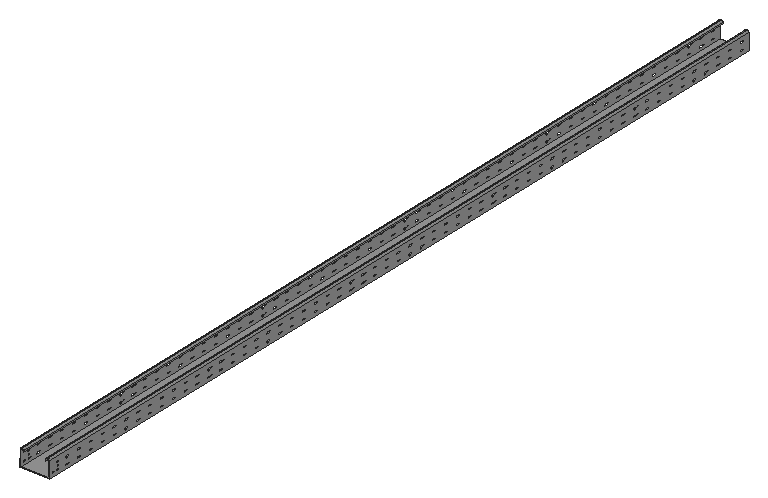
Revit family "Kabelrinne_rksm_A2_610_615_620_630_640_650_660", category Generic Models, Revit 2017 (continued)
Forms (mm)
  Extrusion 160, void
    sketch origin (-20, 863.6, 25) x (0, 1, 0) y (0, 0, 1)
      loop
        arc (82.8, 9) -> (86.3, 12.5) -> (82.8, 16) r 3.5
        line (82.8, 16) -> (69.8, 16)
    from 69 to 70
  Extrusion 161, void
    sketch origin (-20, 914.4, 0) x (0, 1, 0) y (0, 0, 1)
      loop
        arc (69.8, 16) -> (66.3, 12.5) -> (69.8, 9) r 3.5
        line (69.8, 9) -> (82.8, 9)
        arc (82.8, 9) -> (86.3, 12.5) -> (82.8, 16) r 3.5
        line (82.8, 16) -> (69.8, 16)
    from 69 to 70
  Extrusion 162, void
    sketch origin (-20, 914.4, 25) x (0, 1, 0) y (0, 0, 1)
      loop
        arc (69.8, 16) -> (66.3, 12.5) -> (69.8, 9) r 3.5
        line (69.8, 9) -> (82.8, 9)
        arc (82.8, 9) -> (86.3, 12.5) -> (82.8, 16) r 3.5
        line (82.8, 16) -> (69.8, 16)
    from 69 to 70
  Extrusion 163, void
    sketch origin (-20, 965.2, 0) x (0, 1, 0) y (0, 0, 1)
      loop
        arc (69.8, 16) -> (66.3, 12.5) -> (69.8, 9) r 3.5
        line (69.8, 9) -> (82.8, 9)
        arc (82.8, 9) -> (86.3, 12.5) -> (82.8, 16) r 3.5
        line (82.8, 16) -> (69.8, 16)
    from 69 to 70
  Extrusion 164, void
    sketch origin (-20, 965.2, 25) x (0, 1, 0) y (0, 0, 1)
      loop
        arc (69.8, 16) -> (66.3, 12.5) -> (69.8, 9) r 3.5
        line (69.8, 9) -> (82.8, 9)
        arc (82.8, 9) -> (86.3, 12.5) -> (82.8, 16) r 3.5
        line (82.8, 16) -> (69.8, 16)
    from 69 to 70
  Extrusion 165, void
    sketch origin (-20, 1016, 0) x (0, 1, 0) y (0, 0, 1)
      loop
        arc (69.8, 16) -> (66.3, 12.5) -> (69.8, 9) r 3.5
        line (69.8, 9) -> (82.8, 9)
        arc (82.8, 9) -> (86.3, 12.5) -> (82.8, 16) r 3.5
        line (82.8, 16) -> (69.8, 16)
    from 69 to 70
  Extrusion 166, void
    sketch origin (-20, 1016, 25) x (0, 1, 0) y (0, 0, 1)
      loop
        arc (69.8, 16) -> (66.3, 12.5) -> (69.8, 9) r 3.5
        line (69.8, 9) -> (82.8, 9)
        arc (82.8, 9) -> (86.3, 12.5) -> (82.8, 16) r 3.5
        line (82.8, 16) -> (69.8, 16)
    from 69 to 70
  Extrusion 167, void
    sketch origin (-20, 1066.8, 0) x (0, 1, 0) y (0, 0, 1)
      loop
        arc (69.8, 16) -> (66.3, 12.5) -> (69.8, 9) r 3.5
        line (69.8, 9) -> (82.8, 9)
        arc (82.8, 9) -> (86.3, 12.5) -> (82.8, 16) r 3.5
        line (82.8, 16) -> (69.8, 16)
    from 69 to 70
  Extrusion 168, void
    sketch origin (-20, 1066.8, 25) x (0, 1, 0) y (0, 0, 1)
      loop
        arc (69.8, 16) -> (66.3, 12.5) -> (69.8, 9) r 3.5
        line (69.8, 9) -> (82.8, 9)
        arc (82.8, 9) -> (86.3, 12.5) -> (82.8, 16) r 3.5
        line (82.8, 16) -> (69.8, 16)
    from 69 to 70
  Extrusion 169, void
    sketch origin (-20, 1117.6, 0) x (0, 1, 0) y (0, 0, 1)
      loop
        arc (69.8, 16) -> (66.3, 12.5) -> (69.8, 9) r 3.5
        line (69.8, 9) -> (82.8, 9)
        arc (82.8, 9) -> (86.3, 12.5) -> (82.8, 16) r 3.5
        line (82.8, 16) -> (69.8, 16)
    from 69 to 70
  Extrusion 170, void
    sketch origin (-20, 1117.6, 25) x (0, 1, 0) y (0, 0, 1)
      loop
        arc (69.8, 16) -> (66.3, 12.5) -> (69.8, 9) r 3.5
        line (69.8, 9) -> (82.8, 9)
        arc (82.8, 9) -> (86.3, 12.5) -> (82.8, 16) r 3.5
        line (82.8, 16) -> (69.8, 16)
    from 69 to 70
  Extrusion 171, void
    sketch origin (-20, 1168.4, 0) x (0, 1, 0) y (0, 0, 1)
      loop
        arc (69.8, 16) -> (66.3, 12.5) -> (69.8, 9) r 3.5
        line (69.8, 9) -> (82.8, 9)
        arc (82.8, 9) -> (86.3, 12.5) -> (82.8, 16) r 3.5
        line (82.8, 16) -> (69.8, 16)
    from 69 to 70
  Extrusion 172, void
    sketch origin (-20, 1168.4, 25) x (0, 1, 0) y (0, 0, 1)
      loop
        arc (69.8, 16) -> (66.3, 12.5) -> (69.8, 9) r 3.5
        line (69.8, 9) -> (82.8, 9)
        arc (82.8, 9) -> (86.3, 12.5) -> (82.8, 16) r 3.5
        line (82.8, 16) -> (69.8, 16)
    from 69 to 70
  Extrusion 173, void
    sketch origin (-20, 1219.2, 0) x (0, 1, 0) y (0, 0, 1)
      loop
        arc (69.8, 16) -> (66.3, 12.5) -> (69.8, 9) r 3.5
        line (69.8, 9) -> (82.8, 9)
        arc (82.8, 9) -> (86.3, 12.5) -> (82.8, 16) r 3.5
        line (82.8, 16) -> (69.8, 16)
    from 69 to 70
  Extrusion 174, void
    sketch origin (-20, 1219.2, 25) x (0, 1, 0) y (0, 0, 1)
      loop
        arc (69.8, 16) -> (66.3, 12.5) -> (69.8, 9) r 3.5
        line (69.8, 9) -> (82.8, 9)
        arc (82.8, 9) -> (86.3, 12.5) -> (82.8, 16) r 3.5
        line (82.8, 16) -> (69.8, 16)
    from 69 to 70
  Extrusion 175, void
    sketch origin (-20, 1270, 0) x (0, 1, 0) y (0, 0, 1)
      loop
        arc (69.8, 16) -> (66.3, 12.5) -> (69.8, 9) r 3.5
        line (69.8, 9) -> (82.8, 9)
        arc (82.8, 9) -> (86.3, 12.5) -> (82.8, 16) r 3.5
        line (82.8, 16) -> (69.8, 16)
    from 69 to 70
  Extrusion 176, void
    sketch origin (-20, 1270, 25) x (0, 1, 0) y (0, 0, 1)
      loop
        arc (69.8, 16) -> (66.3, 12.5) -> (69.8, 9) r 3.5
        line (69.8, 9) -> (82.8, 9)
        arc (82.8, 9) -> (86.3, 12.5) -> (82.8, 16) r 3.5
        line (82.8, 16) -> (69.8, 16)
    from 69 to 70
  Extrusion 177, void
    sketch origin (-20, 1320.8, 0) x (0, 1, 0) y (0, 0, 1)
      loop
        arc (69.8, 16) -> (66.3, 12.5) -> (69.8, 9) r 3.5
        line (69.8, 9) -> (82.8, 9)
        arc (82.8, 9) -> (86.3, 12.5) -> (82.8, 16) r 3.5
        line (82.8, 16) -> (69.8, 16)
    from 69 to 70
  Extrusion 178, void
    sketch origin (-20, 1320.8, 25) x (0, 1, 0) y (0, 0, 1)
      loop
        arc (69.8, 16) -> (66.3, 12.5) -> (69.8, 9) r 3.5
        line (69.8, 9) -> (82.8, 9)
        arc (82.8, 9) -> (86.3, 12.5) -> (82.8, 16) r 3.5
        line (82.8, 16) -> (69.8, 16)
    from 69 to 70
  Extrusion 179, void
    sketch origin (-20, 1371.6, 0) x (0, 1, 0) y (0, 0, 1)
      loop
        arc (69.8, 16) -> (66.3, 12.5) -> (69.8, 9) r 3.5
        line (69.8, 9) -> (82.8, 9)
        arc (82.8, 9) -> (86.3, 12.5) -> (82.8, 16) r 3.5
        line (82.8, 16) -> (69.8, 16)
    from 69 to 70
  Extrusion 180, void
    sketch origin (-20, 1371.6, 25) x (0, 1, 0) y (0, 0, 1)
      loop
        arc (69.8, 16) -> (66.3, 12.5) -> (69.8, 9) r 3.5
        line (69.8, 9) -> (82.8, 9)
        arc (82.8, 9) -> (86.3, 12.5) -> (82.8, 16) r 3.5
        line (82.8, 16) -> (69.8, 16)
    from 69 to 70
  Extrusion 181, void
    sketch origin (-20, 1422.4, 0) x (0, 1, 0) y (0, 0, 1)
      loop
        arc (69.8, 16) -> (66.3, 12.5) -> (69.8, 9) r 3.5
        line (69.8, 9) -> (82.8, 9)
        arc (82.8, 9) -> (86.3, 12.5) -> (82.8, 16) r 3.5
        line (82.8, 16) -> (69.8, 16)
    from 69 to 70
  Extrusion 182, void
    sketch origin (-20, 1422.4, 25) x (0, 1, 0) y (0, 0, 1)
      loop
        arc (69.8, 16) -> (66.3, 12.5) -> (69.8, 9) r 3.5
        line (69.8, 9) -> (82.8, 9)
        arc (82.8, 9) -> (86.3, 12.5) -> (82.8, 16) r 3.5
        line (82.8, 16) -> (69.8, 16)
    from 69 to 70
  Extrusion 183, void
    sketch origin (-20, 1473.2, 0) x (0, 1, 0) y (0, 0, 1)
      loop
        arc (69.8, 16) -> (66.3, 12.5) -> (69.8, 9) r 3.5
        line (69.8, 9) -> (82.8, 9)
        arc (82.8, 9) -> (86.3, 12.5) -> (82.8, 16) r 3.5
        line (82.8, 16) -> (69.8, 16)
    from 69 to 70
  Extrusion 184, void
    sketch origin (-20, 1473.2, 25) x (0, 1, 0) y (0, 0, 1)
      loop
        arc (69.8, 16) -> (66.3, 12.5) -> (69.8, 9) r 3.5
        line (69.8, 9) -> (82.8, 9)
        arc (82.8, 9) -> (86.3, 12.5) -> (82.8, 16) r 3.5
        line (82.8, 16) -> (69.8, 16)
    from 69 to 70
  Extrusion 185, void
    sketch origin (-20, 1524, 0) x (0, 1, 0) y (0, 0, 1)
      loop
        arc (69.8, 16) -> (66.3, 12.5) -> (69.8, 9) r 3.5
        line (69.8, 9) -> (82.8, 9)
        arc (82.8, 9) -> (86.3, 12.5) -> (82.8, 16) r 3.5
        line (82.8, 16) -> (69.8, 16)
    from 69 to 70
  Extrusion 186, void
    sketch origin (-20, 1524, 25) x (0, 1, 0) y (0, 0, 1)
      loop
        arc (69.8, 16) -> (66.3, 12.5) -> (69.8, 9) r 3.5
        line (69.8, 9) -> (82.8, 9)
        arc (82.8, 9) -> (86.3, 12.5) -> (82.8, 16) r 3.5
        line (82.8, 16) -> (69.8, 16)
    from 69 to 70
  Extrusion 187, void
    sketch origin (-20, 1574.8, 0) x (0, 1, 0) y (0, 0, 1)
      loop
        arc (69.8, 16) -> (66.3, 12.5) -> (69.8, 9) r 3.5
        line (69.8, 9) -> (82.8, 9)
        arc (82.8, 9) -> (86.3, 12.5) -> (82.8, 16) r 3.5
        line (82.8, 16) -> (69.8, 16)
    from 69 to 70
  Extrusion 188, void
    sketch origin (-20, 1574.8, 25) x (0, 1, 0) y (0, 0, 1)
      loop
        arc (69.8, 16) -> (66.3, 12.5) -> (69.8, 9) r 3.5
        line (69.8, 9) -> (82.8, 9)
        arc (82.8, 9) -> (86.3, 12.5) -> (82.8, 16) r 3.5
        line (82.8, 16) -> (69.8, 16)
    from 69 to 70
  Extrusion 189, void
    sketch origin (-20, 1625.6, 0) x (0, 1, 0) y (0, 0, 1)
      loop
        arc (69.8, 16) -> (66.3, 12.5) -> (69.8, 9) r 3.5
        line (69.8, 9) -> (82.8, 9)
        arc (82.8, 9) -> (86.3, 12.5) -> (82.8, 16) r 3.5
        line (82.8, 16) -> (69.8, 16)
    from 69 to 70
  Extrusion 190, void
    sketch origin (-20, 1625.6, 25) x (0, 1, 0) y (0, 0, 1)
      loop
        arc (69.8, 16) -> (66.3, 12.5) -> (69.8, 9) r 3.5
        line (69.8, 9) -> (82.8, 9)
        arc (82.8, 9) -> (86.3, 12.5) -> (82.8, 16) r 3.5
        line (82.8, 16) -> (69.8, 16)
    from 69 to 70
  Extrusion 191, void
    sketch origin (-20, 1676.4, 0) x (0, 1, 0) y (0, 0, 1)
      loop
        arc (69.8, 16) -> (66.3, 12.5) -> (69.8, 9) r 3.5
        line (69.8, 9) -> (82.8, 9)
        arc (82.8, 9) -> (86.3, 12.5) -> (82.8, 16) r 3.5
        line (82.8, 16) -> (69.8, 16)
    from 69 to 70
  Extrusion 192, void
    sketch origin (-20, 1676.4, 25) x (0, 1, 0) y (0, 0, 1)
      loop
        arc (69.8, 16) -> (66.3, 12.5) -> (69.8, 9) r 3.5
        line (69.8, 9) -> (82.8, 9)
        arc (82.8, 9) -> (86.3, 12.5) -> (82.8, 16) r 3.5
        line (82.8, 16) -> (69.8, 16)
    from 69 to 70
  Extrusion 193, void
    sketch origin (-20, 1727.2, 0) x (0, 1, 0) y (0, 0, 1)
      loop
        arc (69.8, 16) -> (66.3, 12.5) -> (69.8, 9) r 3.5
        line (69.8, 9) -> (82.8, 9)
        arc (82.8, 9) -> (86.3, 12.5) -> (82.8, 16) r 3.5
        line (82.8, 16) -> (69.8, 16)
    from 69 to 70
  Extrusion 194, void
    sketch origin (-20, 1727.2, 25) x (0, 1, 0) y (0, 0, 1)
      loop
        arc (69.8, 16) -> (66.3, 12.5) -> (69.8, 9) r 3.5
        line (69.8, 9) -> (82.8, 9)
        arc (82.8, 9) -> (86.3, 12.5) -> (82.8, 16) r 3.5
        line (82.8, 16) -> (69.8, 16)
    from 69 to 70
  Extrusion 195, void
    sketch origin (-20, 1778, 0) x (0, 1, 0) y (0, 0, 1)
      loop
        arc (69.8, 16) -> (66.3, 12.5) -> (69.8, 9) r 3.5
        line (69.8, 9) -> (82.8, 9)
        arc (82.8, 9) -> (86.3, 12.5) -> (82.8, 16) r 3.5
        line (82.8, 16) -> (69.8, 16)
    from 69 to 70
  Extrusion 196, void
    sketch origin (-20, 1778, 25) x (0, 1, 0) y (0, 0, 1)
      loop
        arc (69.8, 16) -> (66.3, 12.5) -> (69.8, 9) r 3.5
        line (69.8, 9) -> (82.8, 9)
        arc (82.8, 9) -> (86.3, 12.5) -> (82.8, 16) r 3.5
        line (82.8, 16) -> (69.8, 16)
    from 69 to 70
  Extrusion 197, void
    sketch origin (-20, 1828.8, 0) x (0, 1, 0) y (0, 0, 1)
      loop
        arc (69.8, 16) -> (66.3, 12.5) -> (69.8, 9) r 3.5
        line (69.8, 9) -> (82.8, 9)
        arc (82.8, 9) -> (86.3, 12.5) -> (82.8, 16) r 3.5
        line (82.8, 16) -> (69.8, 16)
    from 69 to 70
  Extrusion 198, void
    sketch origin (-20, 1828.8, 25) x (0, 1, 0) y (0, 0, 1)
      loop
        arc (69.8, 16) -> (66.3, 12.5) -> (69.8, 9) r 3.5
        line (69.8, 9) -> (82.8, 9)
        arc (82.8, 9) -> (86.3, 12.5) -> (82.8, 16) r 3.5
        line (82.8, 16) -> (69.8, 16)
    from 69 to 70
  Extrusion 199, void
    sketch origin (-20, 1879.6, 0) x (0, 1, 0) y (0, 0, 1)
      loop
        arc (69.8, 16) -> (66.3, 12.5) -> (69.8, 9) r 3.5
        line (69.8, 9) -> (82.8, 9)
        arc (82.8, 9) -> (86.3, 12.5) -> (82.8, 16) r 3.5
        line (82.8, 16) -> (69.8, 16)
    from 69 to 70
  Extrusion 200, void
    sketch origin (-20, 1879.6, 25) x (0, 1, 0) y (0, 0, 1)
      loop
        arc (69.8, 16) -> (66.3, 12.5) -> (69.8, 9) r 3.5
        line (69.8, 9) -> (82.8, 9)
        arc (82.8, 9) -> (86.3, 12.5) -> (82.8, 16) r 3.5
        line (82.8, 16) -> (69.8, 16)
    from 69 to 70
  Extrusion 201, void
    sketch origin (-20, 1930.4, 0) x (0, 1, 0) y (0, 0, 1)
      loop
        arc (69.8, 16) -> (66.3, 12.5) -> (69.8, 9) r 3.5
        line (69.8, 9) -> (82.8, 9)
        arc (82.8, 9) -> (86.3, 12.5) -> (82.8, 16) r 3.5
        line (82.8, 16) -> (69.8, 16)
    from 69 to 70
  Extrusion 202, void
    sketch origin (-20, 1930.4, 25) x (0, 1, 0) y (0, 0, 1)
      loop
        arc (69.8, 16) -> (66.3, 12.5) -> (69.8, 9) r 3.5
        line (69.8, 9) -> (82.8, 9)
        arc (82.8, 9) -> (86.3, 12.5) -> (82.8, 16) r 3.5
        line (82.8, 16) -> (69.8, 16)
    from 69 to 70
  Extrusion 203, void
    sketch origin (-20, 1981.2, 0) x (0, 1, 0) y (0, 0, 1)
      loop
        arc (69.8, 16) -> (66.3, 12.5) -> (69.8, 9) r 3.5
        line (69.8, 9) -> (82.8, 9)
        arc (82.8, 9) -> (86.3, 12.5) -> (82.8, 16) r 3.5
        line (82.8, 16) -> (69.8, 16)
    from 69 to 70
  Extrusion 204, void
    sketch origin (-20, 1981.2, 25) x (0, 1, 0) y (0, 0, 1)
      loop
        arc (69.8, 16) -> (66.3, 12.5) -> (69.8, 9) r 3.5
        line (69.8, 9) -> (82.8, 9)
        arc (82.8, 9) -> (86.3, 12.5) -> (82.8, 16) r 3.5
        line (82.8, 16) -> (69.8, 16)
    from 69 to 70
  Extrusion 205, void
    sketch origin (-20, 2032, 0) x (0, 1, 0) y (0, 0, 1)
      loop
        arc (69.8, 16) -> (66.3, 12.5) -> (69.8, 9) r 3.5
        line (69.8, 9) -> (82.8, 9)
        arc (82.8, 9) -> (86.3, 12.5) -> (82.8, 16) r 3.5
        line (82.8, 16) -> (69.8, 16)
    from 69 to 70
  Extrusion 206, void
    sketch origin (-20, 2032, 25) x (0, 1, 0) y (0, 0, 1)
      loop
        arc (69.8, 16) -> (66.3, 12.5) -> (69.8, 9) r 3.5
        line (69.8, 9) -> (82.8, 9)
        arc (82.8, 9) -> (86.3, 12.5) -> (82.8, 16) r 3.5
        line (82.8, 16) -> (69.8, 16)
    from 69 to 70
  Extrusion 207, void
    sketch origin (-20, 2082.8, 0) x (0, 1, 0) y (0, 0, 1)
      loop
        arc (69.8, 16) -> (66.3, 12.5) -> (69.8, 9) r 3.5
        line (69.8, 9) -> (82.8, 9)
        arc (82.8, 9) -> (86.3, 12.5) -> (82.8, 16) r 3.5
        line (82.8, 16) -> (69.8, 16)
    from 69 to 70
  Extrusion 208, void
    sketch origin (-20, 2082.8, 25) x (0, 1, 0) y (0, 0, 1)
      loop
        arc (69.8, 16) -> (66.3, 12.5) -> (69.8, 9) r 3.5
        line (69.8, 9) -> (82.8, 9)
        arc (82.8, 9) -> (86.3, 12.5) -> (82.8, 16) r 3.5
        line (82.8, 16) -> (69.8, 16)
    from 69 to 70
  Extrusion 209, void
    sketch origin (-20, 2133.6, 0) x (0, 1, 0) y (0, 0, 1)
      loop
        arc (69.8, 16) -> (66.3, 12.5) -> (69.8, 9) r 3.5
        line (69.8, 9) -> (82.8, 9)
        arc (82.8, 9) -> (86.3, 12.5) -> (82.8, 16) r 3.5
        line (82.8, 16) -> (69.8, 16)
    from 69 to 70
  Extrusion 210, void
    sketch origin (-20, 2133.6, 25) x (0, 1, 0) y (0, 0, 1)
      loop
        arc (69.8, 16) -> (66.3, 12.5) -> (69.8, 9) r 3.5
        line (69.8, 9) -> (82.8, 9)
        arc (82.8, 9) -> (86.3, 12.5) -> (82.8, 16) r 3.5
        line (82.8, 16) -> (69.8, 16)
    from 69 to 70
  Extrusion 211, void
    sketch origin (-20, 2184.4, 0) x (0, 1, 0) y (0, 0, 1)
      loop
        arc (69.8, 16) -> (66.3, 12.5) -> (69.8, 9) r 3.5
        line (69.8, 9) -> (82.8, 9)
        arc (82.8, 9) -> (86.3, 12.5) -> (82.8, 16) r 3.5
        line (82.8, 16) -> (69.8, 16)
    from 69 to 70
  Extrusion 212, void
    sketch origin (-20, 2184.4, 25) x (0, 1, 0) y (0, 0, 1)
      loop
        arc (69.8, 16) -> (66.3, 12.5) -> (69.8, 9) r 3.5
        line (69.8, 9) -> (82.8, 9)
        arc (82.8, 9) -> (86.3, 12.5) -> (82.8, 16) r 3.5
        line (82.8, 16) -> (69.8, 16)
    from 69 to 70
  Extrusion 213, void
    sketch origin (-20, 2235.2, 0) x (0, 1, 0) y (0, 0, 1)
      loop
        arc (69.8, 16) -> (66.3, 12.5) -> (69.8, 9) r 3.5
        line (69.8, 9) -> (82.8, 9)
        arc (82.8, 9) -> (86.3, 12.5) -> (82.8, 16) r 3.5
        line (82.8, 16) -> (69.8, 16)
    from 69 to 70
  Extrusion 214, void
    sketch origin (-20, 2235.2, 25) x (0, 1, 0) y (0, 0, 1)
      loop
        arc (69.8, 16) -> (66.3, 12.5) -> (69.8, 9) r 3.5
        line (69.8, 9) -> (82.8, 9)
        arc (82.8, 9) -> (86.3, 12.5) -> (82.8, 16) r 3.5
        line (82.8, 16) -> (69.8, 16)
    from 69 to 70
  Extrusion 215, void
    sketch origin (-20, 2286, 0) x (0, 1, 0) y (0, 0, 1)
      loop
        arc (69.8, 16) -> (66.3, 12.5) -> (69.8, 9) r 3.5
        line (69.8, 9) -> (82.8, 9)
        arc (82.8, 9) -> (86.3, 12.5) -> (82.8, 16) r 3.5
        line (82.8, 16) -> (69.8, 16)
    from 69 to 70
  Extrusion 216, void
    sketch origin (-20, 2286, 25) x (0, 1, 0) y (0, 0, 1)
      loop
        arc (69.8, 16) -> (66.3, 12.5) -> (69.8, 9) r 3.5
        line (69.8, 9) -> (82.8, 9)
        arc (82.8, 9) -> (86.3, 12.5) -> (82.8, 16) r 3.5
        line (82.8, 16) -> (69.8, 16)
    from 69 to 70
  Extrusion 217, void
    sketch origin (-20, 2336.8, 0) x (0, 1, 0) y (0, 0, 1)
      loop
        arc (69.8, 16) -> (66.3, 12.5) -> (69.8, 9) r 3.5
        line (69.8, 9) -> (82.8, 9)
        arc (82.8, 9) -> (86.3, 12.5) -> (82.8, 16) r 3.5
        line (82.8, 16) -> (69.8, 16)
    from 69 to 70
  Extrusion 218, void
    sketch origin (-20, 2336.8, 25) x (0, 1, 0) y (0, 0, 1)
      loop
        arc (69.8, 16) -> (66.3, 12.5) -> (69.8, 9) r 3.5
        line (69.8, 9) -> (82.8, 9)
        arc (82.8, 9) -> (86.3, 12.5) -> (82.8, 16) r 3.5
        line (82.8, 16) -> (69.8, 16)
    from 69 to 70
  Extrusion 219, void
    sketch origin (-20, 2387.6, 0) x (0, 1, 0) y (0, 0, 1)
      loop
        arc (69.8, 16) -> (66.3, 12.5) -> (69.8, 9) r 3.5
        line (69.8, 9) -> (82.8, 9)
        arc (82.8, 9) -> (86.3, 12.5) -> (82.8, 16) r 3.5
        line (82.8, 16) -> (69.8, 16)
    from 69 to 70
  Extrusion 220, void
    sketch origin (-20, 2387.6, 25) x (0, 1, 0) y (0, 0, 1)
      loop
        arc (69.8, 16) -> (66.3, 12.5) -> (69.8, 9) r 3.5
        line (69.8, 9) -> (82.8, 9)
        arc (82.8, 9) -> (86.3, 12.5) -> (82.8, 16) r 3.5
        line (82.8, 16) -> (69.8, 16)
    from 69 to 70
  Extrusion 221, void
    sketch origin (-20, 2438.4, 0) x (0, 1, 0) y (0, 0, 1)
      loop
        arc (69.8, 16) -> (66.3, 12.5) -> (69.8, 9) r 3.5
        line (69.8, 9) -> (82.8, 9)
        arc (82.8, 9) -> (86.3, 12.5) -> (82.8, 16) r 3.5
        line (82.8, 16) -> (69.8, 16)
    from 69 to 70
  Extrusion 222, void
    sketch origin (-20, 2438.4, 25) x (0, 1, 0) y (0, 0, 1)
      loop
        arc (69.8, 16) -> (66.3, 12.5) -> (69.8, 9) r 3.5
        line (69.8, 9) -> (82.8, 9)
        arc (82.8, 9) -> (86.3, 12.5) -> (82.8, 16) r 3.5
        line (82.8, 16) -> (69.8, 16)
    from 69 to 70
  Extrusion 223, void
    sketch origin (-20, 2489.2, 0) x (0, 1, 0) y (0, 0, 1)
      loop
        arc (69.8, 16) -> (66.3, 12.5) -> (69.8, 9) r 3.5
        line (69.8, 9) -> (82.8, 9)
        arc (82.8, 9) -> (86.3, 12.5) -> (82.8, 16) r 3.5
        line (82.8, 16) -> (69.8, 16)
    from 69 to 70
  Extrusion 224, void
    sketch origin (-20, 2489.2, 25) x (0, 1, 0) y (0, 0, 1)
      loop
        arc (69.8, 16) -> (66.3, 12.5) -> (69.8, 9) r 3.5
        line (69.8, 9) -> (82.8, 9)
        arc (82.8, 9) -> (86.3, 12.5) -> (82.8, 16) r 3.5
        line (82.8, 16) -> (69.8, 16)
    from 69 to 70
  Extrusion 225, void
    sketch origin (-20, 2540, 0) x (0, 1, 0) y (0, 0, 1)
      loop
        arc (69.8, 16) -> (66.3, 12.5) -> (69.8, 9) r 3.5
        line (69.8, 9) -> (82.8, 9)
        arc (82.8, 9) -> (86.3, 12.5) -> (82.8, 16) r 3.5
        line (82.8, 16) -> (69.8, 16)
    from 69 to 70
  Extrusion 226, void
    sketch origin (-20, 2540, 25) x (0, 1, 0) y (0, 0, 1)
      loop
        arc (69.8, 16) -> (66.3, 12.5) -> (69.8, 9) r 3.5
        line (69.8, 9) -> (82.8, 9)
        arc (82.8, 9) -> (86.3, 12.5) -> (82.8, 16) r 3.5
        line (82.8, 16) -> (69.8, 16)
    from 69 to 70
  Extrusion 227, void
    sketch origin (-20, 2590.8, 0) x (0, 1, 0) y (0, 0, 1)
      loop
        arc (69.8, 16) -> (66.3, 12.5) -> (69.8, 9) r 3.5
        line (69.8, 9) -> (82.8, 9)
        arc (82.8, 9) -> (86.3, 12.5) -> (82.8, 16) r 3.5
        line (82.8, 16) -> (69.8, 16)
    from 69 to 70
  Extrusion 228, void
    sketch origin (-20, 2590.8, 25) x (0, 1, 0) y (0, 0, 1)
      loop
        arc (69.8, 16) -> (66.3, 12.5) -> (69.8, 9) r 3.5
        line (69.8, 9) -> (82.8, 9)
        arc (82.8, 9) -> (86.3, 12.5) -> (82.8, 16) r 3.5
        line (82.8, 16) -> (69.8, 16)
    from 69 to 70
  Extrusion 229, void
    sketch origin (-20, 2641.6, 0) x (0, 1, 0) y (0, 0, 1)
      loop
        arc (69.8, 16) -> (66.3, 12.5) -> (69.8, 9) r 3.5
        line (69.8, 9) -> (82.8, 9)
        arc (82.8, 9) -> (86.3, 12.5) -> (82.8, 16) r 3.5
        line (82.8, 16) -> (69.8, 16)
    from 69 to 70
  Extrusion 230, void
    sketch origin (-20, 2641.6, 25) x (0, 1, 0) y (0, 0, 1)
      loop
        arc (69.8, 16) -> (66.3, 12.5) -> (69.8, 9) r 3.5
        line (69.8, 9) -> (82.8, 9)
        arc (82.8, 9) -> (86.3, 12.5) -> (82.8, 16) r 3.5
        line (82.8, 16) -> (69.8, 16)
    from 69 to 70
  Extrusion 231, void
    sketch origin (-20, 2692.4, 0) x (0, 1, 0) y (0, 0, 1)
      loop
        arc (69.8, 16) -> (66.3, 12.5) -> (69.8, 9) r 3.5
        line (69.8, 9) -> (82.8, 9)
        arc (82.8, 9) -> (86.3, 12.5) -> (82.8, 16) r 3.5
        line (82.8, 16) -> (69.8, 16)
    from 69 to 70
  Extrusion 232, void
    sketch origin (-20, 2692.4, 25) x (0, 1, 0) y (0, 0, 1)
      loop
        arc (69.8, 16) -> (66.3, 12.5) -> (69.8, 9) r 3.5
        line (69.8, 9) -> (82.8, 9)
        arc (82.8, 9) -> (86.3, 12.5) -> (82.8, 16) r 3.5
        line (82.8, 16) -> (69.8, 16)
    from 69 to 70
  Extrusion 233, void
    sketch origin (-20, 2743.2, 0) x (0, 1, 0) y (0, 0, 1)
      loop
        arc (69.8, 16) -> (66.3, 12.5) -> (69.8, 9) r 3.5
        line (69.8, 9) -> (82.8, 9)
        arc (82.8, 9) -> (86.3, 12.5) -> (82.8, 16) r 3.5
        line (82.8, 16) -> (69.8, 16)
    from 69 to 70
  Extrusion 234, void
    sketch origin (-20, 2743.2, 25) x (0, 1, 0) y (0, 0, 1)
      loop
        arc (69.8, 16) -> (66.3, 12.5) -> (69.8, 9) r 3.5
        line (69.8, 9) -> (82.8, 9)
        arc (82.8, 9) -> (86.3, 12.5) -> (82.8, 16) r 3.5
        line (82.8, 16) -> (69.8, 16)
    from 69 to 70
  Extrusion 235, void
    sketch origin (-20, 2794, 0) x (0, 1, 0) y (0, 0, 1)
      loop
        arc (69.8, 16) -> (66.3, 12.5) -> (69.8, 9) r 3.5
        line (69.8, 9) -> (82.8, 9)
        arc (82.8, 9) -> (86.3, 12.5) -> (82.8, 16) r 3.5
        line (82.8, 16) -> (69.8, 16)
    from 69 to 70
  Extrusion 236, void
    sketch origin (-20, 2794, 25) x (0, 1, 0) y (0, 0, 1)
      loop
        arc (69.8, 16) -> (66.3, 12.5) -> (69.8, 9) r 3.5
        line (69.8, 9) -> (82.8, 9)
        arc (82.8, 9) -> (86.3, 12.5) -> (82.8, 16) r 3.5
        line (82.8, 16) -> (69.8, 16)
    from 69 to 70
  Extrusion 237, void
    sketch origin (-20, 2844.8, 0) x (0, 1, 0) y (0, 0, 1)
      loop
        arc (69.8, 16) -> (66.3, 12.5) -> (69.8, 9) r 3.5
        line (69.8, 9) -> (82.8, 9)
        arc (82.8, 9) -> (86.3, 12.5) -> (82.8, 16) r 3.5
        line (82.8, 16) -> (69.8, 16)
    from 69 to 70
  Extrusion 238, void
    sketch origin (-20, 2844.8, 25) x (0, 1, 0) y (0, 0, 1)
      loop
        arc (69.8, 16) -> (66.3, 12.5) -> (69.8, 9) r 3.5
        line (69.8, 9) -> (82.8, 9)
        arc (82.8, 9) -> (86.3, 12.5) -> (82.8, 16) r 3.5
        line (82.8, 16) -> (69.8, 16)
    from 69 to 70
  Extrusion 239, void
    sketch origin (-20, 2895.6, 0) x (0, 1, 0) y (0, 0, 1)
      loop
        arc (69.8, 16) -> (66.3, 12.5) -> (69.8, 9) r 3.5
        line (69.8, 9) -> (82.8, 9)
        arc (82.8, 9) -> (86.3, 12.5) -> (82.8, 16) r 3.5
        line (82.8, 16) -> (69.8, 16)
    from 69 to 70
  Extrusion 240, void
    sketch origin (-20, 2895.6, 25) x (0, 1, 0) y (0, 0, 1)
      loop
        arc (69.8, 16) -> (66.3, 12.5) -> (69.8, 9) r 3.5
        line (69.8, 9) -> (82.8, 9)
        arc (82.8, 9) -> (86.3, 12.5) -> (82.8, 16) r 3.5
        line (82.8, 16) -> (69.8, 16)
    from 69 to 70
  Extrusion 241, void
    sketch origin (0, 0, 0) x (1, 0, 0) y (0, 1, 0)
      loop
        circle (0, 101.68) r 5.5
    from 0 to 1
  Extrusion 242, void
    sketch origin (0, 100, 0) x (1, 0, 0) y (0, 1, 0)
      loop
        circle (0, 101.68) r 5.5
    from 0 to 1
  Extrusion 243, void
    sketch origin (0, 200, 0) x (1, 0, 0) y (0, 1, 0)
      loop
        circle (0, 101.68) r 5.5
    from 0 to 1
  Extrusion 244, void
    sketch origin (0, 300, 0) x (1, 0, 0) y (0, 1, 0)
      loop
        circle (0, 101.68) r 5.5
    from 0 to 1
  Extrusion 245, void
    sketch origin (0, 400, 0) x (1, 0, 0) y (0, 1, 0)
      loop
        circle (0, 101.68) r 5.5
    from 0 to 1
  Extrusion 246, void
    sketch origin (0, 500, 0) x (1, 0, 0) y (0, 1, 0)
      loop
        circle (0, 101.68) r 5.5
    from 0 to 1
  Extrusion 247, void
    sketch origin (0, 600, 0) x (1, 0, 0) y (0, 1, 0)
      loop
        circle (0, 101.68) r 5.5
    from 0 to 1
  Extrusion 248, void
    sketch origin (0, 700, 0) x (1, 0, 0) y (0, 1, 0)
      loop
        circle (0, 101.68) r 5.5
    from 0 to 1
  Extrusion 249, void
    sketch origin (0, 800, 0) x (1, 0, 0) y (0, 1, 0)
      loop
        circle (0, 101.68) r 5.5
    from 0 to 1
  Extrusion 250, void
    sketch origin (0, 900, 0) x (1, 0, 0) y (0, 1, 0)
      loop
        circle (0, 101.68) r 5.5
    from 0 to 1
  Extrusion 251, void
    sketch origin (0, 1000, 0) x (1, 0, 0) y (0, 1, 0)
      loop
        circle (0, 101.68) r 5.5
    from 0 to 1
  Extrusion 252, void
    sketch origin (0, 1100, 0) x (1, 0, 0) y (0, 1, 0)
      loop
        circle (0, 101.68) r 5.5
    from 0 to 1
  Extrusion 253, void
    sketch origin (0, 1200, 0) x (1, 0, 0) y (0, 1, 0)
      loop
        circle (0, 101.68) r 5.5
    from 0 to 1
  Extrusion 254, void
    sketch origin (0, 1300, 0) x (1, 0, 0) y (0, 1, 0)
      loop
        circle (0, 101.68) r 5.5
    from 0 to 1
  Extrusion 255, void
    sketch origin (0, 1400, 0) x (1, 0, 0) y (0, 1, 0)
      loop
        circle (0, 101.68) r 5.5
    from 0 to 1
  Extrusion 256, void
    sketch origin (0, 1500, 0) x (1, 0, 0) y (0, 1, 0)
      loop
        circle (0, 101.68) r 5.5
    from 0 to 1
  Extrusion 257, void
    sketch origin (0, 1600, 0) x (1, 0, 0) y (0, 1, 0)
      loop
        circle (0, 101.68) r 5.5
    from 0 to 1
  Extrusion 258, void
    sketch origin (0, 1700, 0) x (1, 0, 0) y (0, 1, 0)
      loop
        circle (0, 101.68) r 5.5
    from 0 to 1
  Extrusion 259, void
    sketch origin (0, 1800, 0) x (1, 0, 0) y (0, 1, 0)
      loop
        circle (0, 101.68) r 5.5
    from 0 to 1
  Extrusion 260, void
    sketch origin (0, 1900, 0) x (1, 0, 0) y (0, 1, 0)
      loop
        circle (0, 101.68) r 5.5
    from 0 to 1
  Extrusion 261, void
    sketch origin (0, 2000, 0) x (1, 0, 0) y (0, 1, 0)
      loop
        circle (0, 101.68) r 5.5
    from 0 to 1
  Extrusion 262, void
    sketch origin (0, 2100, 0) x (1, 0, 0) y (0, 1, 0)
      loop
        circle (0, 101.68) r 5.5
    from 0 to 1
  Extrusion 263, void
    sketch origin (0, 2200, 0) x (1, 0, 0) y (0, 1, 0)
      loop
        circle (0, 101.68) r 5.5
    from 0 to 1
  Extrusion 264, void
    sketch origin (0, 2300, 0) x (1, 0, 0) y (0, 1, 0)
      loop
        circle (0, 101.68) r 5.5
    from 0 to 1
  Extrusion 265, void
    sketch origin (0, 2400, 0) x (1, 0, 0) y (0, 1, 0)
      loop
        circle (0, 101.68) r 5.5
    from 0 to 1
  Extrusion 266, void
    sketch origin (0, 2500, 0) x (1, 0, 0) y (0, 1, 0)
      loop
        circle (0, 101.68) r 5.5
    from 0 to 1
  Extrusion 267, void
    sketch origin (0, 2600, 0) x (1, 0, 0) y (0, 1, 0)
      loop
        circle (0, 101.68) r 5.5
    from 0 to 1
  Extrusion 268, void
    sketch origin (0, 2700, 0) x (1, 0, 0) y (0, 1, 0)
      loop
        circle (0, 101.68) r 5.5
    from 0 to 1
  Extrusion 269, void
    sketch origin (0, 2800, 0) x (1, 0, 0) y (0, 1, 0)
      loop
        circle (0, 101.68) r 5.5
    from 0 to 1
  Extrusion 270, void
    sketch origin (0, 0, 0) x (0, 1, 0) y (0, 0, 1)
      loop
        arc (11.5, 16) -> (8, 12.5) -> (11.5, 9) r 3.5
        line (11.5, 9) -> (19.5, 9)
        arc (19.5, 9) -> (23, 12.5) -> (19.5, 16) r 3.5
        line (19.5, 16) -> (11.5, 16)
    from 49 to 50
  Extrusion 271, void
    sketch origin (0, 0, 0) x (0, 1, 0) y (0, 0, 1)
      loop
        arc (31.5, 16) -> (28, 12.5) -> (31.5, 9) r 3.5
        line (31.5, 9) -> (39.5, 9)
        arc (39.5, 9) -> (43, 12.5) -> (39.5, 16) r 3.5
        line (39.5, 16) -> (31.5, 16)
    from 49 to 50
  Extrusion 272, void
    sketch origin (0, 0, 0) x (0, 1, 0) y (0, 0, 1)
      loop
        arc (31.5, 41) -> (28, 37.5) -> (31.5, 34) r 3.5
        line (31.5, 34) -> (39.5, 34)
        arc (39.5, 34) -> (43, 37.5) -> (39.5, 41) r 3.5
        line (39.5, 41) -> (31.5, 41)
    from 49 to 50
  Extrusion 273, void
    sketch origin (0, 0, 0) x (0, 1, 0) y (0, 0, 1)
      loop
        line (19.5, 16) -> (11.5, 16)
        arc (11.5, 16) -> (8, 12.5) -> (11.5, 9) r 3.5
        line (11.5, 9) -> (19.5, 9)
        arc (19.5, 9) -> (23, 12.5) -> (19.5, 16) r 3.5
    from -49 to -50
  Extrusion 274, void
    sketch origin (0, 0, 0) x (0, 1, 0) y (0, 0, 1)
      loop
        line (39.5, 16) -> (31.5, 16)
        arc (31.5, 16) -> (28, 12.5) -> (31.5, 9) r 3.5
        line (31.5, 9) -> (39.5, 9)
        arc (39.5, 9) -> (43, 12.5) -> (39.5, 16) r 3.5
    from -50 to -49
  Extrusion 275, void
    sketch origin (0, 0, 0) x (0, 1, 0) y (0, 0, 1)
      loop
        line (39.5, 41) -> (31.5, 41)
        arc (31.5, 41) -> (28, 37.5) -> (31.5, 34) r 3.5
        line (31.5, 34) -> (39.5, 34)
        arc (39.5, 34) -> (43, 37.5) -> (39.5, 41) r 3.5
    from -50 to -49
  Extrusion 276, void
    sketch origin (0, 0, 0) x (0, 1, 0) y (0, 0, 1)
      loop
        line (31.512, 29) -> (31.512, 21) -> (39.512, 21) -> (39.512, 29) -> (31.512, 29)
    from 49 to 50
  Extrusion 277, void
    sketch origin (0, 0, 0) x (0, 1, 0) y (0, 0, 1)
      loop
        line (39.5, 29) -> (31.5, 29) -> (31.5, 21) -> (39.5, 21) -> (39.5, 29)
    from -50 to -49
Cuts and joins
  Extrusion 5, Extrusion 8, Extrusion 10, Extrusion 11, Extrusion 13, Extrusion 14, Extrusion 15, Extrusion 16, Extrusion 17, Extrusion 18, Extrusion 19, Extrusion 20, Extrusion 21, Extrusion 22, Extrusion 23, Extrusion 24, Extrusion 25, Extrusion 26, Extrusion 27, Extrusion 28, Extrusion 29, Extrusion 30, Extrusion 31, Extrusion 32, Extrusion 33, Extrusion 34, Extrusion 35, Extrusion 36, Extrusion 37, Extrusion 38, Extrusion 39, Extrusion 40, Extrusion 41, Extrusion 42, Extrusion 43, Extrusion 44, Extrusion 45, Extrusion 46, Extrusion 47, Extrusion 48, Extrusion 49, Extrusion 50, Extrusion 51, Extrusion 52, Extrusion 53, Extrusion 54, Extrusion 55, Extrusion 56, Extrusion 57, Extrusion 58, Extrusion 59, Extrusion 60, Extrusion 61, Extrusion 62, Extrusion 63, Extrusion 64, Extrusion 65, Extrusion 66, Extrusion 67, Extrusion 68, Extrusion 69, Extrusion 70, Extrusion 71, Extrusion 72, Extrusion 73, Extrusion 74, Extrusion 75, Extrusion 76, Extrusion 77, Extrusion 78, Extrusion 79, Extrusion 80, Extrusion 81, Extrusion 82, Extrusion 83, Extrusion 84, Extrusion 85, Extrusion 86, Extrusion 87, Extrusion 88, Extrusion 89, Extrusion 90, Extrusion 91, Extrusion 92, Extrusion 93, Extrusion 94, Extrusion 95, Extrusion 96, Extrusion 97, Extrusion 98, Extrusion 99, Extrusion 100, Extrusion 101, Extrusion 102, Extrusion 103, Extrusion 104, Extrusion 105, Extrusion 106, Extrusion 107, Extrusion 108, Extrusion 109, Extrusion 110, Extrusion 111, Extrusion 112, Extrusion 113, Extrusion 114, Extrusion 115, Extrusion 116, Extrusion 117, Extrusion 118, Extrusion 119, Extrusion 120, Extrusion 121, Extrusion 122, Extrusion 123, Extrusion 124, Extrusion 125, Extrusion 126, Extrusion 127, Extrusion 128, Extrusion 129, Extrusion 130, Extrusion 131, Extrusion 132, Extrusion 133, Extrusion 134, Extrusion 135, Extrusion 136, Extrusion 137, Extrusion 138, Extrusion 139, Extrusion 140, Extrusion 141, Extrusion 142, Extrusion 143, Extrusion 144, Extrusion 145, Extrusion 146, Extrusion 147, Extrusion 148, Extrusion 149, Extrusion 150, Extrusion 151, Extrusion 152, Extrusion 153, Extrusion 154, Extrusion 155, Extrusion 156, Extrusion 157, Extrusion 158, Extrusion 159, Extrusion 160, Extrusion 161, Extrusion 162, Extrusion 163, Extrusion 164, Extrusion 165, Extrusion 166, Extrusion 167, Extrusion 168, Extrusion 169, Extrusion 170, Extrusion 171, Extrusion 172, Extrusion 173, Extrusion 174, Extrusion 175, Extrusion 176, Extrusion 177, Extrusion 178, Extrusion 179, Extrusion 180, Extrusion 181, Extrusion 182, Extrusion 183, Extrusion 184, Extrusion 185, Extrusion 186, Extrusion 187, Extrusion 188, Extrusion 189, Extrusion 190, Extrusion 191, Extrusion 192, Extrusion 193, Extrusion 194, Extrusion 195, Extrusion 196, Extrusion 197, Extrusion 198, Extrusion 199, Extrusion 200, Extrusion 201, Extrusion 202, Extrusion 203, Extrusion 204, Extrusion 205, Extrusion 206, Extrusion 207, Extrusion 208, Extrusion 209, Extrusion 210, Extrusion 211, Extrusion 212, Extrusion 213, Extrusion 214, Extrusion 215, Extrusion 216, Extrusion 217, Extrusion 218, Extrusion 219, Extrusion 220, Extrusion 221, Extrusion 222, Extrusion 223, Extrusion 224, Extrusion 225, Extrusion 226, Extrusion 227, Extrusion 228, Extrusion 229, Extrusion 230, Extrusion 231, Extrusion 232, Extrusion 233, Extrusion 234, Extrusion 235, Extrusion 236, Extrusion 237, Extrusion 238, Extrusion 239, Extrusion 240, Extrusion 241, Extrusion 242, Extrusion 243, Extrusion 244, Extrusion 245, Extrusion 246, Extrusion 247, Extrusion 248, Extrusion 249, Extrusion 250, Extrusion 251, Extrusion 252, Extrusion 253, Extrusion 254, Extrusion 255, Extrusion 256, Extrusion 257, Extrusion 258, Extrusion 259, Extrusion 260, Extrusion 261, Extrusion 262, Extrusion 263, Extrusion 264, Extrusion 265, Extrusion 266, Extrusion 267, Extrusion 268, Extrusion 269, Extrusion 270, Extrusion 271, Extrusion 272, Extrusion 273, Extrusion 274, Extrusion 275, Extrusion 276, Extrusion 277 cuts Extrusion 1
Dimensions and locks
  "Width": Extrusion 1 sketch curve to Extrusion 1 sketch curve
  "Width 1": Extrusion 1 sketch curve to plane 3 "Center (Left/Right)"
  "Width 1": plane 3 "Center (Left/Right)" to Extrusion 1 sketch curve
  locked: plane 4 to level at 60
  locked: plane 4 to plane 5 at 9
  locked: Extrusion 1 sketch curve to Extrusion 1 sketch curve at 12  (x2)
  locked: Extrusion 1 sketch curve to Extrusion 1 sketch curve at 1  (x5)
  locked: Extrusion 2 sketch curve to plane 6 at 9.045
  locked: plane 6 to Extrusion 2 sketch curve at 9.045
  locked: Extrusion 3 sketch curve to plane 7 at 3.5
  locked: plane 7 to Extrusion 3 sketch curve at 3.5
  locked: level to plane 8 at 2.65
  locked: plane 8 to plane 9 at 1
  locked: Extrusion 4 sketch curve to Extrusion 4 sketch curve at 7
  "Length": plane 1 "Center (Front/Back)" to plane 10
  locked: Extrusion 5 sketch curve to Extrusion 5 sketch curve at 7
  locked: Extrusion 6 sketch curve to Extrusion 6 sketch curve at 7
  locked: Extrusion 7 sketch curve to Extrusion 7 sketch curve at 7
  locked: cut or joined group 1 (Extrusion 1, Extrusion 5, Extrusion 8, Extrusion 10, Extrusion 11, Extrusion 13, Extrusion 14, Extrusion 15, Extrusion 16, Extrusion 17, Extrusion 18, Extrusion 19, Extrusion 20, Extrusion 21, Extrusion 22, Extrusion 23, Extrusion 24, Extrusion 25, Extrusion 26, Extrusion 27, Extrusion 28, Extrusion 29, Extrusion 30, Extrusion 31, Extrusion 32, Extrusion 33, Extrusion 34, Extrusion 35, Extrusion 36, Extrusion 37, Extrusion 38, Extrusion 39, Extrusion 40, Extrusion 41, Extrusion 42, Extrusion 43, Extrusion 44, Extrusion 45, Extrusion 46, Extrusion 47, Extrusion 48, Extrusion 49, Extrusion 50, Extrusion 51, Extrusion 52, Extrusion 53, Extrusion 54, Extrusion 55, Extrusion 56, Extrusion 57, Extrusion 58, Extrusion 59, Extrusion 60, Extrusion 61, Extrusion 62, Extrusion 63, Extrusion 64, Extrusion 65, Extrusion 66, Extrusion 67, Extrusion 68, Extrusion 69, Extrusion 70, Extrusion 71, Extrusion 72, Extrusion 73, Extrusion 74, Extrusion 75, Extrusion 76, Extrusion 77, Extrusion 78, Extrusion 79, Extrusion 80, Extrusion 81, Extrusion 82, Extrusion 83, Extrusion 84, Extrusion 85, Extrusion 86, Extrusion 87, Extrusion 88, Extrusion 89, Extrusion 90, Extrusion 91, Extrusion 92, Extrusion 93, Extrusion 94, Extrusion 95, Extrusion 96, Extrusion 97, Extrusion 98, Extrusion 99, Extrusion 100, Extrusion 101, Extrusion 102, Extrusion 103, Extrusion 104, Extrusion 105, Extrusion 106, Extrusion 107, Extrusion 108, Extrusion 109, Extrusion 110, Extrusion 111, Extrusion 112, Extrusion 113, Extrusion 114, Extrusion 115, Extrusion 116, Extrusion 117, Extrusion 118, Extrusion 119, Extrusion 120, Extrusion 121, Extrusion 122, Extrusion 123, Extrusion 124, Extrusion 125, Extrusion 126, Extrusion 127, Extrusion 128, Extrusion 129, Extrusion 130, Extrusion 131, Extrusion 132, Extrusion 133, Extrusion 134, Extrusion 135, Extrusion 136, Extrusion 137, Extrusion 138, Extrusion 139, Extrusion 140, Extrusion 141, Extrusion 142, Extrusion 143, Extrusion 144, Extrusion 145, Extrusion 146, Extrusion 147, Extrusion 148, Extrusion 149, Extrusion 150, Extrusion 151, Extrusion 152, Extrusion 153, Extrusion 154, Extrusion 155, Extrusion 156, Extrusion 157, Extrusion 158, Extrusion 159, Extrusion 160, Extrusion 161, Extrusion 162, Extrusion 163, Extrusion 164, Extrusion 165, Extrusion 166, Extrusion 167, Extrusion 168, Extrusion 169, Extrusion 170, Extrusion 171, Extrusion 172, Extrusion 173, Extrusion 174, Extrusion 175, Extrusion 176, Extrusion 177, Extrusion 178, Extrusion 179, Extrusion 180, Extrusion 181, Extrusion 182, Extrusion 183, Extrusion 184, Extrusion 185, Extrusion 186, Extrusion 187, Extrusion 188, Extrusion 189, Extrusion 190, Extrusion 191, Extrusion 192, Extrusion 193, Extrusion 194, Extrusion 195, Extrusion 196, Extrusion 197, Extrusion 198, Extrusion 199, Extrusion 200, Extrusion 201, Extrusion 202, Extrusion 203, Extrusion 204, Extrusion 205, Extrusion 206, Extrusion 207, Extrusion 208, Extrusion 209, Extrusion 210, Extrusion 211, Extrusion 212, Extrusion 213, Extrusion 214, Extrusion 215, Extrusion 216, Extrusion 217, Extrusion 218, Extrusion 219, Extrusion 220, Extrusion 221, Extrusion 222, Extrusion 223, Extrusion 224, Extrusion 225, Extrusion 226, Extrusion 227, Extrusion 228, Extrusion 229, Extrusion 230, Extrusion 231, Extrusion 232, Extrusion 233, Extrusion 234, Extrusion 235, Extrusion 236, Extrusion 237, Extrusion 238, Extrusion 239, Extrusion 240, Extrusion 241, Extrusion 242, Extrusion 243, Extrusion 244, Extrusion 245, Extrusion 246, Extrusion 247, Extrusion 248, Extrusion 249, Extrusion 250, Extrusion 251, Extrusion 252, Extrusion 253, Extrusion 254, Extrusion 255, Extrusion 256, Extrusion 257, Extrusion 258, Extrusion 259, Extrusion 260, Extrusion 261, Extrusion 262, Extrusion 263, Extrusion 264, Extrusion 265, Extrusion 266, Extrusion 267, Extrusion 268, Extrusion 269, Extrusion 270, Extrusion 271, Extrusion 272, Extrusion 273, Extrusion 274, Extrusion 275, Extrusion 276, Extrusion 277) to level at 9  (x2)
  locked: cut or joined group 1 to plane 1 "Center (Front/Back)" at 66.3  (x2)
  locked: Extrusion 8 sketch curve to Extrusion 8 sketch curve at 7
  group 6 to group 7 = 0 mm  (x2)
  group 6 to group 7 = 25 mm
  locked: cut or joined group 1 to plane 1 "Center (Front/Back)" at 86.3
